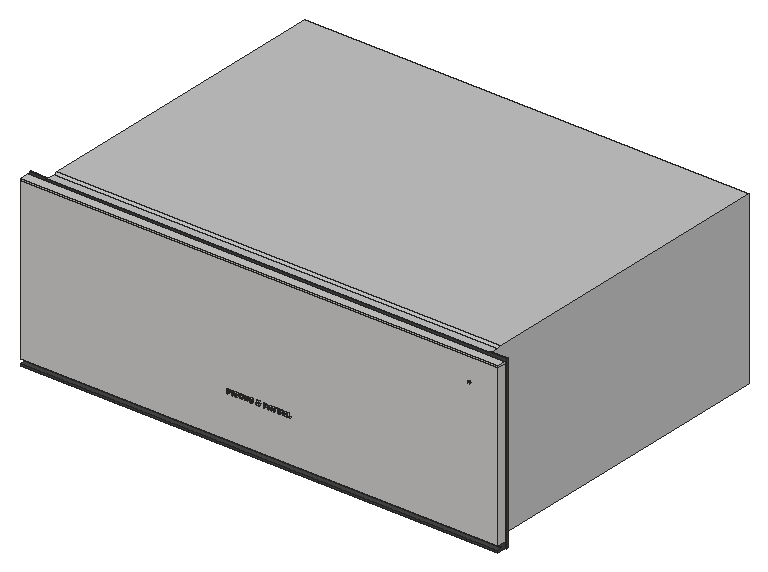
Revit family "FP_Revit_18_WB30SDEX2_Warming_Drawer_9000xxxxA", category Specialty Equipment, Revit 2018
Family settings
  Round Connector Dimension = Use Diameter
  Part Type = Normal
  OmniClass Number = 23.40.40.14.17.31
  OmniClass Title = Small Specialized Cooking Equipment
  Work Plane-Based = No
  Always vertical = Yes
  Cut with Voids When Loaded = Yes
  Shared = No
  Room Calculation Point = No
Parameters (values of type "WB30SDEX2")
  Visibility - Clearance Required = yes
  URL = "www.fisherpaykel.com"
  Product - Width = 761 mm  # constant formula
  Product - Height = 271 mm  # constant formula
  Product - Depth = 567 mm  # constant formula
  Model = "WB30SDEX2"
  Material - Trim = Fisher & Paykel - Black
  Material - Structure = Fisher & Paykel - Black
  Material - Front = Fisher & Paykel - Stainless Steel
  Material - Body = Fisher & Paykel - Grey
  Material - Bezel = Fisher & Paykel - Bezel Red
  Manufacturer = "Fisher & Paykel Appliances"
  FFL Offset [instance] = 587 mm
  Description = "30\" Warming Drawer"
  Connector Description - Electrical = "110 V, 60Hz, 10 A"
  Chassis - Width = 707 mm  # constant formula
  Chassis - Height = 271 mm  # constant formula
  Chassis - Depth = 547 mm  # constant formula
  Cavity - Width = 724 mm  # constant formula
  Cavity - Height = 273 mm  # constant formula
  Cavity - Depth = 560 mm  # constant formula
Reference planes
  plane 1 "Datum": y = 0
  plane 2: z = 0
  plane 3 "Center (Left/Right)": x = 0
  plane 4 "Product Height": z = 858
  plane 5 "Product LHS": x = -380.5
  plane 6 "Product RHS": x = 380.5
  plane 7 "Cavity LHS": x = -382
  plane 8 "Cavity RHS": x = 382
  plane 9 "Cavity - Depth": y = 560
  plane 10 "Product Depth": y = 547
  plane 11 "Door - Front": y = -20
  plane 12 "Cavity - Height": z = 860
  plane 13 "FFL Offset": z = 587
Forms (mm)
  Extrusion 1, solid, material "Fisher & Paykel - Grey" <- "Material - Body"
    sketch origin (0, 0, 0) x (0, 1, 0) y (0, 0, 1)
      loop
        line (5.8, 587) -> (513, 587) -> (513, 858) -> (19, 858) -> (14.5, 856) -> (0, 856) -> (0, 589.9) -> (5.8, 587)
    from -353.5 to 353.5
  Extrusion 2, solid, material "Fisher & Paykel - Grey" <- "Material - Body", detail levels medium+fine
    sketch origin (0, 0, 0) x (0, 1, 0) y (0, 0, 1)
      loop
        line (513, 827) -> (513, 808) -> (547, 808) -> (547, 827) -> (513, 827)
    from 177 to 202
  Extrusion 3, solid, material "Fisher & Paykel - Grey" <- "Material - Body", detail levels medium+fine
    sketch origin (0, -0.156, 0) x (0, 1, 0) y (0, 0, 1)
      loop
        circle (539, 817.5) r 8.163
    from 137 to 177
  Extrusion 4, solid, material "Fisher & Paykel - Black" <- "Material - Structure"
    sketch origin (0, 0, 0) x (0, 1, 0) y (0, 0, 1)
      loop
        line (-2, 593.5) -> (-2, 839.2) -> (-6, 839.2) -> (-6, 593.5) -> (-2, 593.5)
    from -340.5 to 340.5
  Extrusion 5, solid, material "Fisher & Paykel - Stainless Steel" <- "Material - Front"
    sketch origin (0, 0, 0) x (0, 1, 0) y (0, 0, 1)
      loop
        line (-6, 853) -> (-20, 853) -> (-20, 598.6) -> (-6, 598.6) -> (-6, 853)
    from -380.5 to 380.5
  Extrusion 6, solid, material "Fisher & Paykel - Black" <- "Material - Trim", detail levels medium+fine
    sketch origin (0, 0, 0) x (0, 1, 0) y (0, 0, 1)
      loop
        line (-11.4, 595.506) -> (-11.4, 592) -> (-20, 592) -> (-20, 589) -> (-6, 589) -> (-6, 598.6) -> (-19.9, 598.6) -> (-11.4, 595.506)
    from -380.5 to 380.5
  Extrusion 7, solid, material "Fisher & Paykel - Stainless Steel" <- "Material - Front", detail levels fine
    sketch origin (0, 0, 0) x (0, 1, 0) y (0, 0, 1)
      loop
        line (-6, 856) -> (-20, 856) -> (-20, 853) -> (-6, 853) -> (-6, 856)
    from -380.5 to 380.5
  Extrusion 8, solid, material "Fisher & Paykel - Clearance Required", visible <- "Visibility - Clearance Required", detail levels coarse
    sketch origin (0, 0, 0) x (0, 1, 0) y (0, 0, 1)
      loop
        line (0, 860) -> (0, 587) -> (560, 587) -> (560, 860) -> (0, 860)
    from -362 to 362
  Extrusion 9, solid, material "Fisher & Paykel - Black" <- "Material - Structure"
    sketch origin (0, 0, 0) x (1, 0, 0) y (0, 0, 1)
      loop
        line (-380.5, 858) -> (-380.5, 587) -> (380.5, 587) -> (380.5, 858) -> (353.5, 858) -> (353.5, 856.5) -> (-353.5, 856.5) -> (-353.5, 858) -> (-380.5, 858)
    from 0 to 2
  Extrusion 10, solid, material "Fisher & Paykel - Clearance Required", visible <- "Visibility - Clearance Required", detail levels coarse
    sketch origin (0, 0, 0) x (0, 1, 0) y (0, 0, 1)
      loop
        line (0, 587) -> (0, 860) -> (-439, 860) -> (-439, 587) -> (0, 587)
    from -382 to 382
  Extrusion 11, void
    sketch origin (0, 0, 0) x (0, 1, 0) y (0, 0, 1)
      loop
        line (0, 860) -> (0, 587) -> (560, 587) -> (560, 860) -> (0, 860)
    from -362 to 362
  Extrusion 12, void
    sketch origin (0, 0, 0) x (0, 1, 0) y (0, 0, 1)
      loop
        line (0, 587) -> (0, 860) -> (-20, 860) -> (-20, 587) -> (0, 587)
    from -382 to 382
  Extrusion 13, void
    sketch origin (0, 0, 0) x (1, 0, 0) y (0, 0, 1)
      loop
        circle (335, 817) r 2
    from 6 to 20
  Extrusion 14, solid, material "Fisher & Paykel - Bezel Red" <- "Material - Bezel", detail levels fine
    sketch origin (0, 0, 0) x (1, 0, 0) y (0, 0, 1)
      loop
        circle (335, 817) r 2
    from 6 to 20
Cuts and joins
  Extrusion 13 cuts Extrusion 1
  Extrusion 13 cuts Extrusion 4
  Extrusion 13 cuts Extrusion 5
  Extrusion 13 cuts Extrusion 8
  Extrusion 13 cuts Extrusion 9
  Extrusion 13 cuts Extrusion 10
Text (mm)
  text "Due to ongoing product development, product details are subject to change without notice. \nPlease always refer to www.fisherpaykel.com for the most current product information. \n© Fisher & Paykel 2020" at (41.04, -568.295, 0), in view "Ref. Level (Plan)"
Dimensions and locks
  equal spacing: plane 5 "Product LHS", plane 3 "Center (Left/Right)", plane 6 "Product RHS"
  equal spacing: plane 7 "Cavity LHS", plane 3 "Center (Left/Right)", plane 8 "Cavity RHS"
  equal spacing: Extrusion 1, plane 3 "Center (Left/Right)", Extrusion 1
  "Product - Width": plane 5 "Product LHS" to plane 6 "Product RHS"
  "Chassis - Depth": plane 1 "Datum" to plane 10 "Product Depth"
  locked: plane 11 "Door - Front" to plane 1 "Datum" at 20
  "Cavity - Depth": plane 9 "Cavity - Depth" to plane 1 "Datum"
  "FFL Offset": level to plane 13 "FFL Offset"
  locked: plane 13 "FFL Offset" to Extrusion 6 sketch curve at 11.6
  locked: plane 13 "FFL Offset" to Extrusion 6 sketch curve at 2
  "Product - Height": plane 13 "FFL Offset" to plane 4 "Product Height"
  "Cavity - Height": plane 13 "FFL Offset" to plane 12 "Cavity - Height"
  plane 13 "FFL Offset" to Extrusion 4 = 6.5 mm
  locked: plane 13 "FFL Offset" to nested 1 at 78.956
  equal spacing: Extrusion 8, plane 3 "Center (Left/Right)", Extrusion 8
  "Cavity - Width": Extrusion 8 to Extrusion 8
  locked: Extrusion 10 to plane 11 "Door - Front" at 419
  "Chassis - Width": cut or joined group of Extrusion 1, Extrusion 13 to cut or joined group of Extrusion 1, Extrusion 13
  plane 10 "Product Depth" to plane 11 "Door - Front" = 567 mm
  locked: plane 7 "Cavity LHS" to plane 8 "Cavity RHS" at 764
  aligned and locked: level to plane 2
  aligned and locked: Extrusion 8 sketch curve to plane 9 "Cavity - Depth"
  aligned and locked: Extrusion 2 to Extrusion 1
  aligned and locked: Extrusion 9 to plane 1 "Datum"
  aligned and locked: plane 13 "FFL Offset" to Extrusion 9
  aligned and locked: plane 13 "FFL Offset" to Extrusion 1 sketch curve
  aligned and locked: Extrusion 8 sketch curve to plane 13 "FFL Offset"
  aligned and locked: plane 5 "Product LHS" to Extrusion 7
  aligned and locked: plane 5 "Product LHS" to Extrusion 5
  aligned and locked: plane 5 "Product LHS" to Extrusion 6
  aligned and locked: Extrusion 7 to plane 6 "Product RHS"
  aligned and locked: Extrusion 5 to plane 6 "Product RHS"
  aligned and locked: Extrusion 6 to plane 6 "Product RHS"
  aligned and locked: Extrusion 10 sketch curve to plane 12 "Cavity - Height"
  aligned and locked: Extrusion 10 sketch curve to plane 13 "FFL Offset"
  aligned and locked: plane 7 "Cavity LHS" to Extrusion 10
  aligned and locked: Extrusion 10 to plane 8 "Cavity RHS"
  aligned and locked: Extrusion 12 to plane 12 "Cavity - Height"
  aligned and locked: Extrusion 11 to plane 12 "Cavity - Height"
  aligned and locked: plane 13 "FFL Offset" to Extrusion 12
  aligned and locked: plane 13 "FFL Offset" to Extrusion 11
  aligned and locked: cut or joined group of Extrusion 10, Extrusion 13 to plane 11 "Door - Front"
  aligned and locked: Extrusion 11 to cut or joined group of Extrusion 8, Extrusion 13  (x2)
  aligned and locked: Extrusion 14 to plane 11 "Door - Front"
  aligned and locked: Extrusion 12 to plane 8 "Cavity RHS"
  aligned and locked: plane 7 "Cavity LHS" to Extrusion 12
  aligned and locked: Extrusion 9 to cut or joined group of Extrusion 1, Extrusion 13
Automatic sketch dimensions
  Extrusion 2 sketch curve to plane 10 "Product Depth" = 0 mm
  Extrusion 2 sketch curve to Extrusion 2 sketch curve = 34 mm
  Extrusion 2 sketch curve to plane 4 "Product Height" = 50 mm
  Extrusion 2 sketch curve to Extrusion 2 sketch curve = 19 mm
  Extrusion 3 sketch curve to plane 10 "Product Depth" = 8.156 mm
  Extrusion 3 sketch curve to plane 4 "Product Height" = 40.5 mm
  plane 1 "Datum" to Extrusion 4 sketch curve = 6 mm
  plane 1 "Datum" to Extrusion 4 sketch curve = 2 mm
  Extrusion 4 sketch curve to plane 13 "FFL Offset" = 6.5 mm
  Extrusion 4 sketch curve to plane 4 "Product Height" = 18.8 mm
  plane 11 "Door - Front" to Extrusion 5 sketch curve = 0 mm
  plane 1 "Datum" to Extrusion 5 sketch curve = 6 mm
  Extrusion 5 sketch curve to plane 13 "FFL Offset" = 11.6 mm
  Extrusion 5 sketch curve to plane 4 "Product Height" = 5 mm
  Extrusion 7 sketch curve to plane 11 "Door - Front" = 0 mm
  plane 1 "Datum" to Extrusion 7 sketch curve = 6 mm
  Extrusion 7 sketch curve to plane 4 "Product Height" = 5 mm
  Extrusion 7 sketch curve to plane 4 "Product Height" = 2 mm
  Extrusion 8 sketch curve to plane 1 "Datum" = 0 mm
  plane 12 "Cavity - Height" to Extrusion 8 sketch curve = 0 mm
  Extrusion 9 sketch curve to plane 4 "Product Height" = 0 mm  (x2)
  plane 5 "Product LHS" to Extrusion 9 sketch curve = 0 mm
  plane 6 "Product RHS" to Extrusion 9 sketch curve = 0 mm
  Extrusion 9 sketch curve to plane 13 "FFL Offset" = 0 mm
  Extrusion 9 sketch curve to plane 5 "Product LHS" = 27 mm
  Extrusion 9 sketch curve to plane 4 "Product Height" = 1.5 mm
  plane 6 "Product RHS" to Extrusion 9 sketch curve = 27 mm
  Extrusion 11 sketch curve to plane 1 "Datum" = 0 mm
  Extrusion 11 sketch curve to plane 9 "Cavity - Depth" = 0 mm
  plane 13 "FFL Offset" to Extrusion 11 sketch curve = 0 mm
  Extrusion 11 sketch curve to plane 12 "Cavity - Height" = 0 mm
  Extrusion 12 sketch curve to plane 11 "Door - Front" = 0 mm
  Extrusion 12 sketch curve to plane 1 "Datum" = 0 mm
  plane 13 "FFL Offset" to Extrusion 12 sketch curve = 0 mm
  Extrusion 12 sketch curve to plane 12 "Cavity - Height" = 0 mm
  Extrusion 10 sketch curve to plane 1 "Datum" = 0 mm
  Extrusion 10 sketch curve to plane 11 "Door - Front" = 419 mm
  plane 6 "Product RHS" to Extrusion 13 sketch curve = 45.5 mm
  Extrusion 13 sketch curve to plane 4 "Product Height" = 41 mm
  plane 6 "Product RHS" to Extrusion 14 sketch curve = 45.5 mm
  Extrusion 14 sketch curve to plane 4 "Product Height" = 41 mm
  Extrusion 6 sketch curve to plane 11 "Door - Front" = 0 mm
  plane 1 "Datum" to Extrusion 6 sketch curve = 6 mm
  Extrusion 6 sketch curve to plane 13 "FFL Offset" = 5 mm
  plane 11 "Door - Front" to Extrusion 6 sketch curve = 0.1 mm
  Extrusion 6 sketch curve to Extrusion 6 sketch curve = 5.4 mm
  Extrusion 6 sketch curve to Extrusion 6 sketch curve = 3.506 mm
  Extrusion 1 sketch curve to plane 1 "Datum" = 0 mm
  Extrusion 1 sketch curve to plane 1 "Datum" = 5.8 mm
  Extrusion 1 sketch curve to plane 10 "Product Depth" = 34 mm
  Extrusion 1 sketch curve to plane 13 "FFL Offset" = 2.9 mm
  Extrusion 1 sketch curve to plane 4 "Product Height" = 2 mm
  Extrusion 1 sketch curve to Extrusion 1 sketch curve = 14.5 mm
  Extrusion 1 sketch curve to plane 4 "Product Height" = 0 mm
  Extrusion 1 sketch curve to Extrusion 1 sketch curve = 4.5 mm
  radius of Extrusion 3 sketch curve = 8.163 mm
  radius of Extrusion 13 sketch curve = 2 mm
  radius of Extrusion 14 sketch curve = 2 mm
Nested families
  nested 1: "F&P Logo 100mm" at (0, -20, 665.956), type "Grey"
Connectors
  electrical at (137, 538.844, 817.5), driven by "Connector Description - Electrical"
    settings: on Extrusion 3, index 1, voltage 110 V, apparent load 0 VA, apparent load phase1 0 VA, apparent load phase2 0 VA, apparent load phase3 0 VA, power factor 1, load classification "Other", number of poles 1, system type 30, power factor state 1, is connector primary yes, connector utility no, sub classification motor no, connector description "110 V, 60Hz, 10 A"
Definition of nested family "F&P Logo 100mm"
  Parameters (values of type "Grey")
    URL = "www.fisherpaykel.com"
    Material - Logo = none
    Manufacturer = "Fisher & Paykel Appliances"
  Types (2): name
    Chrome
    Grey
  Reference planes
    plane 1 "Center (Front/Back)": y = 0
    plane 2: z = 0
    plane 3 "Center (Left/Right)": x = 0
  Forms (mm)
    Extrusion 1, solid, material <- "Material - Logo", detail levels fine
      sketch origin (0, 0, 0) x (1, 0, 0) y (0, 0, 1)
        loop
          line (-50.044, 0) -> (-48.47, 0) -> (-48.47, 2.138) -> (-46.011, 2.138) -> (-46.011, 3.472) -> (-48.47, 3.472) -> (-48.47, 4.712) -> (-45.795, 4.712) -> (-45.795, 6.04) -> (-50.044, 6.04) -> (-50.044, 0)
        loop
          line (-42.804, 6.04) -> (-42.804, 0) -> (-41.23, 0) -> (-41.23, 6.04) -> (-42.804, 6.04)
        loop
          line (-30.724, 6.04) -> (-30.724, 0) -> (-29.151, 0) -> (-29.151, 2.42) -> (-26.839, 2.42) -> (-26.839, 0) -> (-25.265, 0) -> (-25.265, 6.04) -> (-26.839, 6.04) -> (-26.839, 3.748) -> (-29.151, 3.748) -> (-29.151, 6.04) -> (-30.724, 6.04)
        loop
          line (-21.906, 6.04) -> (-21.906, 0) -> (-17.602, 0) -> (-17.602, 1.328) -> (-20.347, 1.328) -> (-20.347, 2.42) -> (-17.838, 2.42) -> (-17.838, 3.748) -> (-20.347, 3.748) -> (-20.347, 4.712) -> (-17.602, 4.712) -> (-17.602, 6.04) -> (-21.906, 6.04)
        loop
          line (45.667, 6.04) -> (45.667, 0) -> (49.956, 0) -> (49.956, 1.328) -> (47.241, 1.328) -> (47.241, 6.04) -> (45.667, 6.04)
        loop
          line (42.431, 6.04) -> (38.112, 6.04) -> (38.112, 0) -> (42.431, 0) -> (42.431, 1.328) -> (39.687, 1.328) -> (39.687, 2.42) -> (42.195, 2.42) -> (42.195, 3.748) -> (39.687, 3.748) -> (39.687, 4.712) -> (42.431, 4.712) -> (42.431, 6.04)
        loop
          line (33.451, 3.148) -> (35.683, 6.04) -> (33.844, 6.04) -> (31.915, 3.542) -> (31.915, 6.04) -> (30.342, 6.04) -> (30.342, 0) -> (31.915, 0) -> (31.915, 2.705) -> (33.903, 0) -> (35.763, 0) -> (33.451, 3.148)
        loop
          line (21.98, 6.04) -> (24.262, 2.42) -> (24.262, 0) -> (25.837, 0) -> (25.837, 2.341) -> (28.119, 6.04) -> (26.446, 6.04) -> (25.099, 3.707) -> (23.753, 6.04) -> (21.98, 6.04)
        loop
          line (18.479, 6.04) -> (16.983, 6.04) -> (14.524, 0) -> (16.069, 0) -> (16.501, 1.112) -> (18.921, 1.112) -> (19.354, 0) -> (20.938, 0) -> (18.479, 6.04)
        loop
          line (18.4, 2.439) -> (17.693, 4.174) -> (17.018, 2.439) -> (18.4, 2.439)
        loop
          line (8.031, 6.04) -> (8.031, 0) -> (9.605, 0) -> (9.605, 1.938) -> (10.599, 1.938)
          arc (10.599, 1.938) -> (12.65, 3.989) -> (10.599, 6.04) r 2.051
          line (10.599, 6.04) -> (8.031, 6.04)
        loop
          line (9.605, 4.712) -> (9.605, 3.197) -> (10.501, 3.197)
          arc (10.501, 3.197) -> (11.259, 3.954) -> (10.501, 4.712) r 0.757
          line (10.501, 4.712) -> (9.605, 4.712)
        loop
          line (-11.783, 6.04) -> (-14.366, 6.04) -> (-14.366, 0) -> (-12.792, 0) -> (-12.792, 1.336) -> (-11.992, 1.336) -> (-10.972, 0) -> (-9.153, 0) -> (-10.694, 1.973)
          arc (-10.694, 1.973) -> (-9.678, 4.424) -> (-11.783, 6.04) r 2.179
        loop
          line (-11.897, 4.712) -> (-12.792, 4.712) -> (-12.792, 3.053) -> (-11.897, 3.053)
          arc (-11.897, 3.053) -> (-11.068, 3.882) -> (-11.897, 4.712) r 0.83
        loop
          line (0.477, 4.712) -> (0.477, 6.153) -> (-3.575, 6.153) -> (-3.575, 4.851) -> (-2.974, 4.112)
          arc (-2.974, 4.112) -> (-3.51, 0.684) -> (-0.045, 0.512) r 2.334
          line (-0.045, 0.512) -> (0.46, -0.109) -> (2.246, -0.109) -> (0.86, 1.594) -> (2.061, 3.324) -> (0.443, 3.324) -> (-0.013, 2.667) -> (-1.677, 4.712) -> (0.477, 4.712)
        loop
          arc (-2.125, 3.068) -> (-2.269, 1.668) -> (-0.868, 1.524) r 0.996
          line (-0.868, 1.524) -> (-2.125, 3.068)
        loop
          line (-35.18, 3.634) -> (-36.516, 3.91)
          arc (-36.516, 3.91) -> (-37.049, 4.443) -> (-36.516, 4.976) r 0.533
          arc (-36.516, 4.976) -> (-35.235, 4.79) -> (-34.059, 4.248) r 4.505
          line (-34.059, 4.248) -> (-34.059, 5.743)
          arc (-34.059, 5.743) -> (-35.549, 6.179) -> (-37.1, 6.109) r 4.726
          arc (-37.1, 6.109) -> (-38.536, 4.335) -> (-37.1, 2.561) r 1.814
          line (-37.1, 2.561) -> (-35.754, 2.282)
          arc (-35.754, 2.282) -> (-35.221, 1.749) -> (-35.754, 1.216) r 0.533
          arc (-35.754, 1.216) -> (-37.035, 1.402) -> (-38.211, 1.945) r 4.505
          line (-38.211, 1.945) -> (-38.211, 0.449)
          arc (-38.211, 0.449) -> (-36.72, 0.013) -> (-35.169, 0.083) r 4.726
          arc (-35.169, 0.083) -> (-33.734, 1.863) -> (-35.18, 3.634) r 1.814
      from 0 to 0.8
  Dimensions and locks
    aligned and locked: level to plane 2
